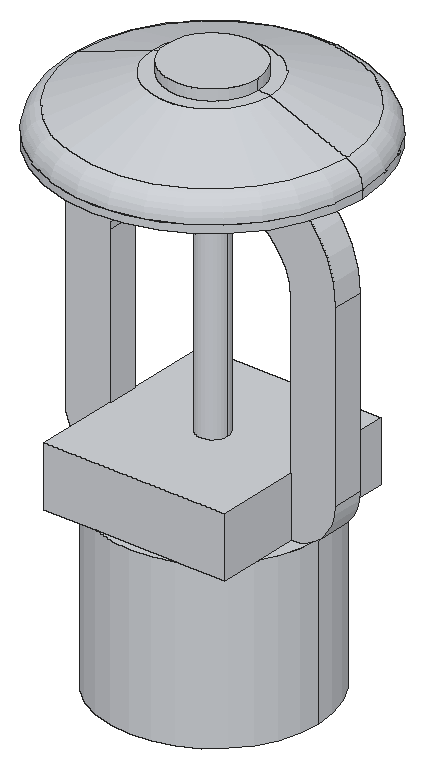
Revit family
Parameters (values of type "RASCO F1FR UPRIGHT")
  Temperature Rating = 155 °F
  Response = 1
  RASCO SIN # = "R3623"
  RASCO Part # = "F1FRU17B"
  Pressure Rating = "175 PSI"
  Pressure Class = (empty or 0)
  Orifice Size = 7/16"
  Orifice = (empty or 0)
  Model = "F1FR"
  Manufacturer = "RASCO"
  K-Factor = 5.6
  Description = "Bronze Finish"
  Coverage = (empty or 0)
Reference planes (in)
  plane 1 "Center (Front/Back)": y = 0
  plane 2: z = 0
  plane 3 "Center (Left/Right)": x = 0
Nested families (in)
  nested 1: "F1FRU17LB" at (0.10944, -0.07648, 0), type "RASCO F1FR UPRIGHT"
Connectors (in)
  piping at (0.10944, -0.07648, 0)
    settings: on nested 1, index 1, connector radius 115/256", flow factor 0, pipe flow 0 GPM, pressure drop 0.00 psi, fitting loss kfactor 0, connector angle 0.00°, fixture units 0, flow configuration 0, flow direction 0, fitting loss method 0, system type 7, connector reference index -1, connector utility 0, adjustable connector no, is connector primary yes, fitting loss table "", connector description ""
Definition of nested family "F1FRU17LB"
  Parameters (values of type "RASCO F1FR UPRIGHT")
    Type Comments = ""
    Temperature Rating = 0 °F
    Response = (empty or 0)
    Pressure Rating = "0"
    Pressure Class = (empty or 0)
    Orifice Size = 0"
    Orifice = (empty or 0)
    Model = ""
    Manufacturer = ""
    K-Factor = 0
    Description = ""
    Coverage = (empty or 0)
    Assembly Code = ""
  Reference planes (in)
    plane 1 "Center (Front/Back)": y = 0
    plane 2: z = 0
    plane 3 "ref.2": z = 0.6875
    plane 4 "ref.3": z = 0.9375
    plane 5: x = -0.38065
    plane 6: x = 0.36935
    plane 7 "ref. side 1": y = 0.06402
    plane 8 "ref. side 2": y = -0.06098
    plane 9 "ref.4": z = 1.875
    plane 10 "ref.5": z = 2.3125
    plane 11 "ref.6": z = 2.4375
  Forms (in)
    Extrusion 1, solid
      sketch origin (0, 0, 0) x (1, 0, 0) y (0, 1, 0)
        loop
          circle (0, 0) r 0.4375
      from 0 to 0.6875
    Extrusion 2, solid
      sketch origin (-0.12185, 0.05177, 0.6875) x (1, 0, 0) y (0, 1, 0)
        loop
          line (-0.2588, 0.356) -> (-0.2588, -0.4565) -> (0.4912, -0.4565) -> (0.4912, 0.356) -> (-0.2588, 0.356)
      from 0 to 0.25
    Extrusion 3, solid
      sketch origin (0, 0, 0) x (1, 0, 0) y (0, 0, 1)
        loop
          line (-0.38065, 0.68754) -> (-0.38065, 1.58397)
          arc (-0.38065, 1.58397) -> (-0.29541, 1.78976) -> (-0.08962, 1.875) r 0.29103
          line (-0.08962, 1.875) -> (0.07524, 1.875)
          arc (0.07524, 1.875) -> (0.28321, 1.78886) -> (0.36935, 1.58089) r 0.29411
          line (0.36935, 1.58089) -> (0.36935, 0.68751)
          arc (0.36935, 0.68751) -> (0.50207, 0.74393) -> (0.55685, 0.87734) r 0.18984
          line (0.55685, 0.87734) -> (0.55685, 1.61676)
          arc (0.55685, 1.61676) -> (0.42629, 1.93194) -> (0.11111, 2.0625) r 0.44574
          line (0.11111, 2.0625) -> (-0.12259, 2.0625)
          arc (-0.12259, 2.0625) -> (-0.43765, 1.932) -> (-0.56815, 1.61694) r 0.44556
          line (-0.56815, 1.61694) -> (-0.56815, 0.87876)
          arc (-0.56815, 0.87876) -> (-0.51345, 0.74486) -> (-0.38065, 0.68754) r 0.19126
      from -0.06402 to 0.06098
    Extrusion 4, solid
      sketch origin (0, 0, 0.9375) x (-1, 0, 0) y (0, -1, 0)
        loop
          circle (0.00574, -0.00152) r 0.0625
      from 0 to 0.9375
    Extrusion 5, solid
      sketch origin (0, 0, 1.875) x (-1, 0, 0) y (0, -1, 0)
        loop
          circle (0.00574, -0.00152) r 0.1875
      from 0 to 0.4375
    Revolve 6, solid
      sketch origin (0, 0, -0.31276) x (1, 0, 0) y (0, 0, 1)
        loop
          line (-0.19324, 2.33367) -> (-0.19324, 2.58367) -> (-0.24995, 2.58367) -> (-0.56395, 2.46314)
          arc (-0.56395, 2.46314) -> (-0.61243, 2.42492) -> (-0.63074, 2.36595) r 0.1041
          line (-0.63074, 2.36595) -> (-0.63074, 2.33367) -> (-0.19324, 2.33367)
        axis (-0.00574, 2.33367) -> (-0.00574, 2.58367)
      angle from 0 to 360
  Cuts and joins
    joined: Extrusion 1, Extrusion 2, Extrusion 4, Revolve 6
  Lines and regions (in)
    model lines
      curve 1: line (-0.00574, 0.06402, 1.875) -> (-0.00574, -0.06098, 1.875)
